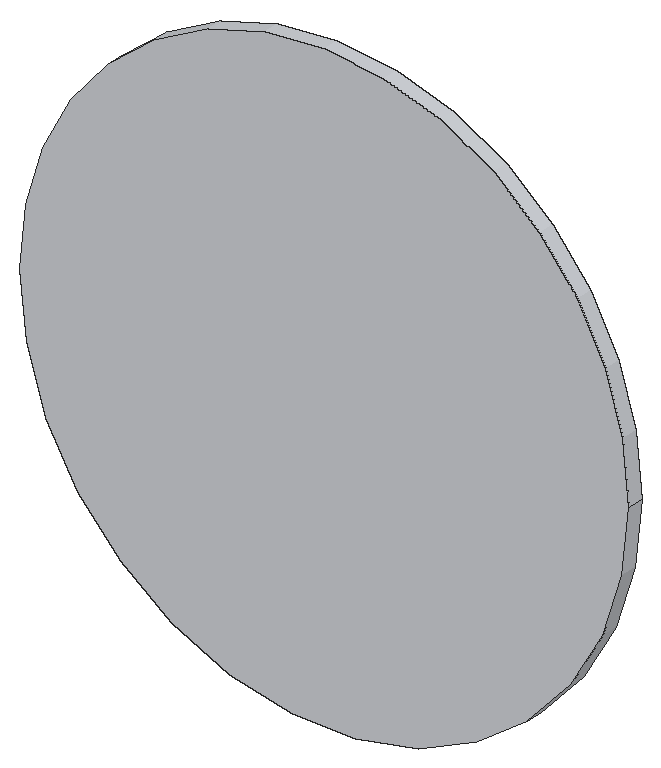
Revit family
Parameters
  Sign Thickness = 2 mm
  Sign Radius = 37.5 mm
  Height = 1500 mm
Reference planes
  plane 1 "Center (Front/Back)": y = -198
  plane 2: z = 0
  plane 3 "Center (Left/Right)": x = 0
  plane 4: z = 1500
  plane 5: y = -196
Forms (mm)
  Extrusion 1, solid
    sketch origin (0, -198, 0) x (1, 0, 0) y (0, 0, 1)
      loop
        circle (0, 1500) r 37.5
    from 0 to -2
Lines and regions (mm)
  model lines, style "Signage"
    curve 1: line (-2.177, -198, 1518.69) -> (-7.874, -198, 1518.69)
    curve 2: line (-7.874, -198, 1518.69) -> (-15.996, -198, 1493.69)
    curve 3: line (-15.996, -198, 1493.69) -> (-10.738, -198, 1493.69)
    curve 4: line (-10.738, -198, 1493.69) -> (-6.113, -198, 1507.929)
    curve 5: line (-6.113, -198, 1507.929) -> (-6.113, -198, 1499.649)
    curve 6: line (-6.113, -198, 1499.649) -> (-14.871, -198, 1472.69)
    curve 7: line (-14.871, -198, 1472.69) -> (-8.562, -198, 1472.69)
    curve 8: line (-8.562, -198, 1472.69) -> (0.823, -198, 1496.19)
    curve 9: line (0.823, -198, 1496.19) -> (10.208, -198, 1472.69)
    curve 10: line (10.208, -198, 1472.69) -> (16.517, -198, 1472.69)
    curve 11: line (7.759, -198, 1499.649) -> (16.517, -198, 1472.69)
    curve 12: line (7.759, -198, 1507.929) -> (7.759, -198, 1499.649)
    curve 13: line (12.384, -198, 1493.69) -> (7.759, -198, 1507.929)
    curve 14: line (17.642, -198, 1493.69) -> (12.384, -198, 1493.69)
    curve 15: line (9.52, -198, 1518.69) -> (17.642, -198, 1493.69)
    curve 16: line (3.823, -198, 1518.69) -> (9.52, -198, 1518.69)
    curve 17: line (3.823, -198, 1522.261) -> (3.823, -198, 1518.69)
    curve 18: arc (-4.177, -198, 1526.261) -> (0.823, -198, 1521.261) -> (5.823, -198, 1526.261) r 5
    curve 19: arc (5.823, -198, 1526.261) -> (0.823, -198, 1531.261) -> (-4.177, -198, 1526.261) r 5
    curve 20: line (-2.177, -198, 1522.261) -> (-2.177, -198, 1518.69)
  symbolic lines, style "2D Signage Placement Lines"
    curve 21: line (-149.177, -198, 0) -> (150.823, -198, 0)
    curve 22: line (0.823, -198, 0) -> (0.823, -348, 0)
Dimensions and locks
  "Height": plane 4 to level
  "Sign Thickness": plane 1 "Center (Front/Back)" to plane 5
  "Sign Radius": radius of Extrusion 1 sketch curve
  aligned and locked: Extrusion 1 to plane 5
  aligned and locked: plane 1 "Center (Front/Back)" to Extrusion 1
Automatic sketch dimensions
  Extrusion 1 sketch curve to plane 3 "Center (Left/Right)" = 0 mm
  Extrusion 1 sketch curve to plane 4 = 0 mm
  plane 4 to curve 2 = 6.31 mm
  curve 2 to plane 3 "Center (Left/Right)" = 15.996 mm
  curve 2 to plane 3 "Center (Left/Right)" = 7.874 mm
  curve 1 to plane 3 "Center (Left/Right)" = 2.177 mm
  curve 2 to curve 3 = 5.257 mm
  curve 4 to plane 3 "Center (Left/Right)" = 6.113 mm
  curve 4 to plane 4 = 7.929 mm
  curve 6 to plane 3 "Center (Left/Right)" = 14.871 mm
  plane 4 to curve 6 = 0.351 mm
  curve 6 to curve 2 = 21 mm
  curve 6 to curve 7 = 6.309 mm
  plane 3 "Center (Left/Right)" to curve 8 = 0.823 mm
  plane 4 to curve 8 = 3.81 mm
  plane 3 "Center (Left/Right)" to curve 9 = 10.208 mm
  curve 9 to curve 7 = 0 mm
  curve 9 to curve 10 = 6.309 mm
  plane 4 to curve 11 = 0.351 mm
  curve 8 to curve 11 = 6.936 mm
  curve 12 to plane 4 = 7.929 mm
  curve 11 to curve 13 = 4.626 mm
  plane 4 to curve 13 = 6.31 mm
  curve 13 to curve 14 = 5.257 mm
  plane 3 "Center (Left/Right)" to curve 15 = 9.52 mm
  curve 12 to curve 15 = 10.761 mm
  plane 3 "Center (Left/Right)" to curve 16 = 3.823 mm
  curve 16 to curve 17 = 3.572 mm
  curve 18 to plane 3 "Center (Left/Right)" = 4.177 mm
  plane 3 "Center (Left/Right)" to curve 18 = 0.823 mm
  curve 1 to curve 20 = 3.572 mm
  curve 21 to plane 1 "Center (Front/Back)" = 0 mm
  curve 21 to plane 3 "Center (Left/Right)" = 149.177 mm
  plane 3 "Center (Left/Right)" to curve 22 = 0.823 mm
  curve 22 to curve 21 = 150 mm
  curve 22 to curve 22 = 150 mm
